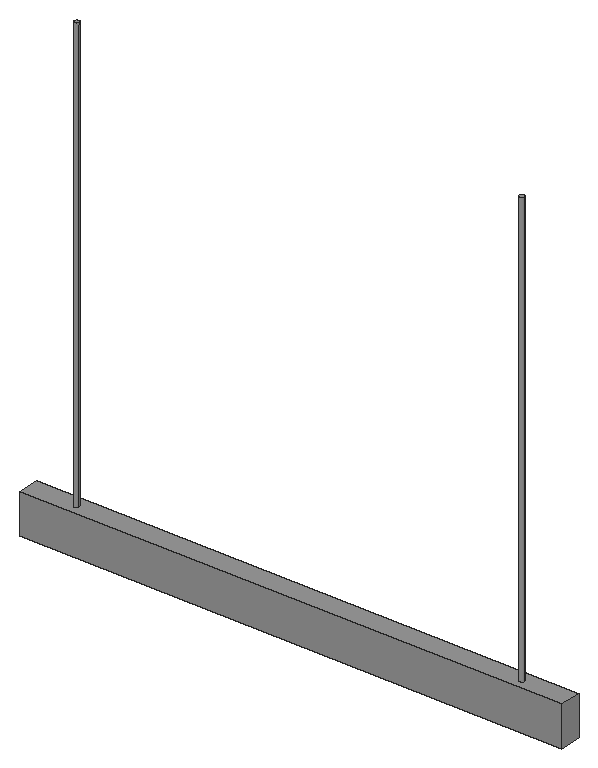
Revit family "A61_63_UN_Line Pendant_ETK", category Lighting Fixtures, Revit 2019
Family settings
  Round Connector Dimension = Use Diameter
  Part Type = Normal
  OmniClass Number = 23.80.70.11.14.11
  OmniClass Title = Downlights
  Work Plane-Based = No
  Always vertical = Yes
  Cut with Voids When Loaded = No
  Light Source = Yes
  Shared = No
  Room Calculation Point = Yes
Parameters (values of type "A61.2 LED 35W 3000K 4600Lm wit mat RAL9003 DALI voedingsmodule 1125mm LINEpro light pendel (A6-604PL.A112.30.08/DIMM 2-3)")
  Wattage Comments = "35"
  Wattage = 3.36605 W
  built-in parameter 1150110 = 1 (stored number, unit not read)
  Voltage = 230 V
  URL = "www.etk.nl"
  Type Comments = "Line Pendant"
  built-in parameter 1114217 = 1 (stored number, unit not read)
  Tilt Angle = 90.00°
  built-in parameter 1150109 = 1 (stored number, unit not read)
  built-in parameter 1150134 = 3
  Symbol_ToScale [instance] = not(Symbol_RealSize)  # no
  Symbol_RealSize [instance] = yes
  Switch Code [instance] = ""
  built-in parameter 1150113 = 1 (stored number, unit not read)
  Photometric Web File = "A61.2213.15_LDT.ies"
  Model = "A61"
  Manufacturer = "ETK"
  built-in parameter 1150105 = 39.789 (stored number, unit not read)
  Luminous Flux (lm) = 2538.54 lm
  Lumens = 2538.54 lm
  built-in parameter 1150115 = 1 (stored number, unit not read)
  Luminaire Code [instance] = ""
  built-in parameter 1150137 = (empty or 0)
  built-in parameter 1150139 = (empty or 0)
  built-in parameter 1150112 = 1 (stored number, unit not read)
  built-in parameter 1150114 = 1 (stored number, unit not read)
  Lamp = "LED"
  LED Panel = yes
  Suspension Length [instance] = 900 mm
  L4 = L1 - 200 mm  # 925 mm
  L3 = 2 mm
  L2 = 45 mm
  L1 = 1125 mm
  built-in parameter 1150132 = 2
  built-in parameter 1150102 = (empty or 0)
  built-in parameter 1150107 = 3200 (stored number, unit not read)
  built-in parameter 1150138 = (empty or 0)
  built-in parameter 1150106 = 0.39789 (stored number, unit not read)
  IfcExportType = "USERDEFINED"
  IfcExportAs = "IfcLightFixtureType"
  ISBN Code = "ISBNCODE"
  IP Value = "IP20"
  IK Value = "-"
  Housing_Material = Select RGB Value for different appearance
  H1 = 82 mm
  GTIN Code = "GTINCODE"
  Emit from Rectangle Width = L1 - (L3 * 2)  # 1121 mm
  Emit from Rectangle Length = L2 - (L3 * 2)  # 41 mm
  Emit Shape Visible in Rendering = no
  built-in parameter 1150104 = 13.8 (stored number, unit not read)
  ETIM Code = "ETIMCODE"
  Dimming Lamp Color Temperature Shift = <None>
  Description = ""
  Content Creator® = "www.ivlibrary.com"
  Color Filter = 16777215
  Calc_SuspensionLength [instance] = if(Suspension Length < Calc_MinSuspensionLength, Calc_MinSuspensionLength, if(Suspension Length > Calc_MaxSuspensionLength, Calc_MaxSuspensionLength, Suspension Length))  # 900 mm
  Calc_MinSuspensionLength [instance] = 100 mm
  Calc_MaxSuspensionLength [instance] = 10000 mm
  Calc_L2_Symbol = L2 / 100  # 0.45 mm
  Calc_L1_Symbol = L1 / 100  # 11.25 mm
  built-in parameter 1114218 = 1 (stored number, unit not read)
  built-in parameter 1150133 = 10 (stored number, unit not read)
  Assembly Code = "63.0"
  Apparent Load = 35 VA
Types (56, lengths in mm): name | Wattage Comments | Photometric Web File | Manufacturer | Luminous Flux (lm) | Lumens | L4 | L1 | Emit from Rectangle Width | Calc_L1_Symbol | Apparent Load
  A61.2 LED 82W 4000K 12000Lm zwart mat RAL9005 DALI voedingsmodule 2805mm LINEpro light pendel (A6-604PL.A280.40.06/DIMM 2-3) | "82" | "A61.2863.35_LDT.ies" | "ETK B.V." | 6618.1 lm | 6618.1 lm | 2605 | 2805 | 2801 | 28.05 | 82 VA
  A61.2 LED 82W 4000K 12000Lm wit mat RAL9003 DALI voedingsmodule 2805mm LINEpro light pendel (A6-604PL.A280.40.08/DIMM 2-3) | "82" | "A61.2863.15_LDT.ies" | "ETK B.V." | 6618.1 lm | 6618.1 lm | 2605 | 2805 | 2801 | 28.05 | 82 VA
  A61.2 LED 82W 4000K 12000Lm wit mat RAL9003 voedingsmodule 2805mm LINEpro light pendel (A6-604PL.A280.40.08) | "82" | "A61.2860.15_LDT.ies" | "ETK B.V." | 6618.1 lm | 6618.1 lm | 2605 | 2805 | 2801 | 28.05 | 82 VA
  A61.2 LED 82W 4000K 12000Lm zwart mat RAL9005 voedingsmodule 2805mm LINEpro light pendel (A6-604PL.A280.40.06) | "82" | "A61.2860.35_LDT.ies" | "ETK B.V." | 6618.1 lm | 6618.1 lm | 2605 | 2805 | 2801 | 28.05 | 82 VA
  A61.2 LED 82W 3000K 11510Lm zwart mat RAL9005 voedingsmodule 2805mm LINEpro light pendel (A6-604PL.A280.30.06) | "82" | "A61.2810.35_LDT.ies" | "ETK B.V." | 6346.3 lm | 6346.3 lm | 2605 | 2805 | 2801 | 28.05 | 82 VA
  A61.2 LED 82W 3000K 11510Lm wit mat RAL9003 voedingsmodule 2805mm LINEpro light pendel (A6-604PL.A280.30.08) | "82" | "A61.2810.15_LDT.ies" | "ETK B.V." | 6346.3 lm | 6346.3 lm | 2605 | 2805 | 2801 | 28.05 | 82 VA
  A61.2 LED 82W 3000K 11510Lm wit mat RAL9003 DALI voedingsmodule 2805mm LINEpro light pendel (A6-604PL.A280.30.08/DIMM 2-3) | "82" | "A61.2813.15_LDT.ies" | "ETK B.V." | 6346.3 lm | 6346.3 lm | 2605 | 2805 | 2801 | 28.05 | 82 VA
  A61.2 LED 82W 3000K 11510Lm zwart mat RAL9005 DALI voedingsmodule 2805mm LINEpro light pendel (A6-604PL.A280.30.06/DIMM 2-3) | "82" | "A61.2813.35_LDT.ies" | "ETK B.V." | 6346.3 lm | 6346.3 lm | 2605 | 2805 | 2801 | 28.05 | 82 VA
  A61.2 LED 75W 4000K 10800Lm wit mat RAL9003 voedingsmodule 2525mm LINEpro light pendel (A6-604PL.A252.40.08) | "75" | "A61.2760.15_LDT.ies" | "ETK B.V." | 5956.29 lm | 5956.29 lm | 2325 | 2525 | 2521 | 25.25 | 75 VA
  A61.2 LED 75W 4000K 10800Lm wit mat RAL9003 DALI voedingsmodule 2525mm LINEpro light pendel (A6-604PL.A252.40.08/DIMM 2-3) | "75" | "A61.2763.15_LDT.ies" | "ETK B.V." | 5956.29 lm | 5956.29 lm | 2325 | 2525 | 2521 | 25.25 | 75 VA
  A61.2 LED 75W 4000K 10800Lm zwart mat RAL9005 voedingsmodule 2525mm LINEpro light pendel (A6-604PL.A252.40.06) | "75" | "A61.2760.35_LDT.ies" | "ETK B.V." | 5956.29 lm | 5956.29 lm | 2325 | 2525 | 2521 | 25.25 | 75 VA
  A61.2 LED 75W 4000K 10800Lm zwart mat RAL9005 DALI voedingsmodule 2525mm LINEpro light pendel (A6-604PL.A252.40.06/DIMM 2-3) | "75" | "A61.2763.35_LDT.ies" | "ETK B.V." | 5956.29 lm | 5956.29 lm | 2325 | 2525 | 2521 | 25.25 | 75 VA
  A61.2 LED 75W 3000K 10360Lm zwart mat RAL9005 voedingsmodule 2525mm LINEpro light pendel (A6-604PL.A252.30.06) | "75" | "A61.2710.35_LDT.ies" | "ETK B.V." | 5711.67 lm | 5711.67 lm | 2325 | 2525 | 2521 | 25.25 | 75 VA
  A61.2 LED 75W 3000K 10360Lm wit mat RAL9003 DALI voedingsmodule 2525mm LINEpro light pendel (A6-604PL.A252.30.08/DIMM 2-3) | "75" | "A61.2713.15_LDT.ies" | "ETK B.V." | 5711.67 lm | 5711.67 lm | 2325 | 2525 | 2521 | 25.25 | 75 VA
  A61.2 LED 75W 3000K 10360Lm zwart mat RAL9005 DALI voedingsmodule 2525mm LINEpro light pendel (A6-604PL.A252.30.06/DIMM 2-3) | "75" | "A61.2713.35_LDT.ies" | "ETK B.V." | 5711.67 lm | 5711.67 lm | 2325 | 2525 | 2521 | 25.25 | 75 VA
  A61.2 LED 75W 3000K 10360Lm wit mat RAL9003 voedingsmodule 2525mm LINEpro light pendel (A6-604PL.A252.30.08) | "75" | "A61.2710.15_LDT.ies" | "ETK B.V." | 5711.67 lm | 5711.67 lm | 2325 | 2525 | 2521 | 25.25 | 75 VA
  A61.2 LED 67W 4000K 9600Lm zwart mat RAL9005 voedingsmodule 2245mm LINEpro light pendel (A6-604PL.A224.40.06) | "67" | "A61.2660.35_LDT.ies" | "ETK B.V." | 5294.48 lm | 5294.48 lm | 2045 | 2245 | 2241 | 22.45 | 67 VA
  A61.2 LED 67W 4000K 9600Lm wit mat RAL9003 DALI voedingsmodule 2245mm LINEpro light pendel (A6-604PL.A224.40.08/DIMM 2-3) | "67" | "A61.2663.15_LDT.ies" | "ETK B.V." | 5294.48 lm | 5294.48 lm | 2045 | 2245 | 2241 | 22.45 | 67 VA
  A61.2 LED 67W 4000K 9600Lm wit mat RAL9003 voedingsmodule 2245mm LINEpro light pendel (A6-604PL.A224.40.08) | "67" | "A61.2660.15_LDT.ies" | "ETK B.V." | 5294.48 lm | 5294.48 lm | 2045 | 2245 | 2241 | 22.45 | 67 VA
  A61.2 LED 67W 4000K 9600Lm zwart mat RAL9005 DALI voedingsmodule 2245mm LINEpro light pendel (A6-604PL.A224.40.06/DIMM 2-3) | "67" | "A61.2663.35_LDT.ies" | "ETK B.V." | 5294.48 lm | 5294.48 lm | 2045 | 2245 | 2241 | 22.45 | 67 VA
  A61.2 LED 67W 3000K 9205Lm zwart mat RAL9005 voedingsmodule 2245mm LINEpro light pendel (A6-604PL.A224.30.06) | "67" | "A61.2610.35_LDT.ies" | "ETK B.V." | 5077.84 lm | 5077.84 lm | 2045 | 2245 | 2241 | 22.45 | 67 VA
  A61.2 LED 67W 3000K 9205Lm wit mat RAL9003 DALI voedingsmodule 2245mm LINEpro light pendel (A6-604PL.A224.30.08/DIMM 2-3) | "67" | "A61.2613.15_LDT.ies" | "ETK B.V." | 5077.84 lm | 5077.84 lm | 2045 | 2245 | 2241 | 22.45 | 67 VA
  A61.2 LED 67W 3000K 9205Lm wit mat RAL9003 voedingsmodule 2245mm LINEpro light pendel (A6-604PL.A224.30.08) | "67" | "A61.2610.15_LDT.ies" | "ETK B.V." | 5077.84 lm | 5077.84 lm | 2045 | 2245 | 2241 | 22.45 | 67 VA
  A61.2 LED 67W 3000K 9205Lm zwart mat RAL9005 DALI voedingsmodule 2245mm LINEpro light pendel (A6-604PL.A224.30.06/DIMM 2-3) | "67" | "A61.2613.35_LDT.ies" | "ETK B.V." | 5077.84 lm | 5077.84 lm | 2045 | 2245 | 2241 | 22.45 | 67 VA
  A61.2 LED 60W 4000K 8400Lm wit mat RAL9003 DALI voedingsmodule 1965mm LINEpro light pendel (A6-604PL.A196.40.08/DIMM 2-3) | "60" | "A61.2563.15_LDT.ies" | "ETK B.V." | 4632.68 lm | 4632.68 lm | 1765 | 1965 | 1961 | 19.65 | 60 VA
  A61.2 LED 60W 4000K 8400Lm zwart mat RAL9005 voedingsmodule 1965mm LINEpro light pendel (A6-604PL.A196.40.06) | "60" | "A61.2560.35_LDT.ies" | "ETK B.V." | 4632.68 lm | 4632.68 lm | 1765 | 1965 | 1961 | 19.65 | 60 VA
  A61.2 LED 60W 4000K 8400Lm wit mat RAL9003 voedingsmodule 1965mm LINEpro light pendel (A6-604PL.A196.40.08) | "60" | "A61.2560.15_LDT.ies" | "ETK B.V." | 4632.68 lm | 4632.68 lm | 1765 | 1965 | 1961 | 19.65 | 60 VA
  A61.2 LED 60W 4000K 8400Lm zwart mat RAL9005 DALI voedingsmodule 1965mm LINEpro light pendel (A6-604PL.A196.40.06/DIMM 2-3) | "60" | "A61.2563.35_LDT.ies" | "ETK B.V." | 4632.68 lm | 4632.68 lm | 1765 | 1965 | 1961 | 19.65 | 60 VA
  A61.2 LED 60W 3000K 8055Lm wit mat RAL9003 voedingsmodule 1965mm LINEpro light pendel (A6-604PL.A196.30.08) | "60" | "A61.2510.15_LDT.ies" | "ETK B.V." | 4442.41 lm | 4442.41 lm | 1765 | 1965 | 1961 | 19.65 | 60 VA
  A61.2 LED 60W 3000K 8055Lm zwart mat RAL9005 voedingsmodule 1965mm LINEpro light pendel (A6-604PL.A196.30.06) | "60" | "A61.2510.35_LDT.ies" | "ETK B.V." | 4442.41 lm | 4442.41 lm | 1765 | 1965 | 1961 | 19.65 | 60 VA
  A61.2 LED 60W 3000K 8055Lm zwart mat RAL9005 DALI voedingsmodule 1965mm LINEpro light pendel (A6-604PL.A196.30.06/DIMM 2-3) | "60" | "A61.2513.35_LDT.ies" | "ETK B.V." | 4442.41 lm | 4442.41 lm | 1765 | 1965 | 1961 | 19.65 | 60 VA
  A61.2 LED 60W 3000K 8055Lm wit mat RAL9003 DALI voedingsmodule 1965mm LINEpro light pendel (A6-604PL.A196.30.08/DIMM 2-3) | "60" | "A61.2513.15_LDT.ies" | "ETK B.V." | 4442.41 lm | 4442.41 lm | 1765 | 1965 | 1961 | 19.65 | 60 VA
  A61.2 LED 51W 4000K 7200Lm wit mat RAL9003 voedingsmodule 1685mm LINEpro light pendel (A6-604PL.A168.40.08) | "51" | "A61.2460.15_LDT.ies" | "ETK B.V." | 3970.86 lm | 3970.86 lm | 1485 | 1685 | 1681 | 16.85 | 51 VA
  A61.2 LED 51W 4000K 7200Lm wit mat RAL9003 DALI voedingsmodule 1685mm LINEpro light pendel (A6-604PL.A168.40.08/DIMM 2-3) | "51" | "A61.2463.15_LDT.ies" | "ETK B.V." | 3970.86 lm | 3970.86 lm | 1485 | 1685 | 1681 | 16.85 | 51 VA
  A61.2 LED 51W 4000K 7200Lm zwart mat RAL9005 DALI voedingsmodule 1685mm LINEpro light pendel (A6-604PL.A168.40.06/DIMM 2-3) | "51" | "A61.2463.35_LDT.ies" | "ETK B.V." | 3970.86 lm | 3970.86 lm | 1485 | 1685 | 1681 | 16.85 | 51 VA
  A61.2 LED 51W 4000K 7200Lm zwart mat RAL9005 voedingsmodule 1685mm LINEpro light pendel (A6-604PL.A168.40.06) | "51" | "A61.2460.35_LDT.ies" | "ETK B.V." | 3970.86 lm | 3970.86 lm | 1485 | 1685 | 1681 | 16.85 | 51 VA
  A61.2 LED 51W 3000K 6905Lm wit mat RAL9003 DALI voedingsmodule 1685mm LINEpro light pendel (A6-604PL.A168.30.08/DIMM 2-3) | "51" | "A61.2413.15_LDT.ies" | "ETK B.V." | 3807.78 lm | 3807.78 lm | 1485 | 1685 | 1681 | 16.85 | 51 VA
  A61.2 LED 51W 3000K 6905Lm zwart mat RAL9005 voedingsmodule 1685mm LINEpro light pendel (A6-604PL.A168.30.06) | "51" | "A61.2410.35_LDT.ies" | "ETK B.V." | 3807.78 lm | 3807.78 lm | 1485 | 1685 | 1681 | 16.85 | 51 VA
  A61.2 LED 51W 3000K 6905Lm wit mat RAL9003 voedingsmodule 1685mm LINEpro light pendel (A6-604PL.A168.30.08) | "51" | "A61.2410.15_LDT.ies" | "ETK B.V." | 3807.78 lm | 3807.78 lm | 1485 | 1685 | 1681 | 16.85 | 51 VA
  A61.2 LED 51W 3000K 6905Lm zwart mat RAL9005 DALI voedingsmodule 1685mm LINEpro light pendel (A6-604PL.A168.30.06/DIMM 2-3) | "51" | "A61.2413.35_LDT.ies" | "ETK B.V." | 3807.78 lm | 3807.78 lm | 1485 | 1685 | 1681 | 16.85 | 51 VA
  A61.2 LED 44W 3000K 5755Lm zwart mat RAL9005 voedingsmodule 1405mm LINEpro light pendel (A6-604PL.A140.30.06) | "44" | "A61.2310.35_LDT.ies" | "ETK B.V." | 3173.15 lm | 3173.15 lm | 1205 | 1405 | 1401 | 14.05 | 44 VA
  A61.2 LED 44W 3000K 5755Lm wit mat RAL9003 DALI voedingsmodule 1405mm LINEpro light pendel (A6-604PL.A140.30.08/DIMM 2-3) | "44" | "A61.2313.15_LDT.ies" | "ETK B.V." | 3173.15 lm | 3173.15 lm | 1205 | 1405 | 1401 | 14.05 | 44 VA
  A61.2 LED 44W 3000K 5755Lm zwart mat RAL9005 DALI voedingsmodule 1405mm LINEpro light pendel (A6-604PL.A140.30.06/DIMM 2-3) | "44" | "A61.2313.35_LDT.ies" | "ETK B.V." | 3173.15 lm | 3173.15 lm | 1205 | 1405 | 1401 | 14.05 | 44 VA
  A61.2 LED 44W 3000K 5755Lm wit mat RAL9003 voedingsmodule 1405mm LINEpro light pendel (A6-604PL.A140.30.08) | "44" | "A61.2310.15_LDT.ies" | "ETK B.V." | 3173.15 lm | 3173.15 lm | 1205 | 1405 | 1401 | 14.05 | 44 VA
  A61.2 LED 44W 4000K 6000Lm zwart mat RAL9005 voedingsmodule 1405mm LINEpro light pendel (A6-604PL.A140.40.06) | "44" | "A61.2360.35_LDT.ies" | "ETK B.V." | 3309.05 lm | 3309 lm | 1205 | 1405 | 1401 | 14.05 | 44 VA
  A61.2 LED 44W 4000K 6000Lm wit mat RAL9003 DALI voedingsmodule 1405mm LINEpro light pendel (A6-604PL.A140.40.08/DIMM 2-3) | "44" | "A61.2363.15_LDT.ies" | "ETK B.V." | 3309.05 lm | 3309 lm | 1205 | 1405 | 1401 | 14.05 | 44 VA
  A61.2 LED 44W 4000K 6000Lm wit mat RAL9003 voedingsmodule 1405mm LINEpro light pendel (A6-604PL.A140.40.08) | "44" | "A61.2360.15_LDT.ies" | "ETK B.V." | 3309.05 lm | 3309 lm | 1205 | 1405 | 1401 | 14.05 | 44 VA
  A61.2 LED 44W 4000K 6000Lm zwart mat RAL9005 DALI voedingsmodule 1405mm LINEpro light pendel (A6-604PL.A140.40.06/DIMM 2-3) | "44" | "A61.2363.35_LDT.ies" | "ETK B.V." | 3309.05 lm | 3309 lm | 1205 | 1405 | 1401 | 14.05 | 44 VA
  A61.2 LED 35W 4000K 4800Lm zwart mat RAL9005 voedingsmodule 1125mm LINEpro light pendel (A6-604PL.A112.40.06) | "35" | "A61.2260.35_LDT.ies" | "ETK" | 2647.24 lm | 2647.24 lm | 925 | 1125 | 1121 | 11.25 | 35 VA
  A61.2 LED 35W 4000K 4800Lm wit mat RAL9003 voedingsmodule 1125mm LINEpro light pendel (A6-604PL.A112.40.08) | "35" | "A61.2260.15_LDT.ies" | "ETK" | 2647.24 lm | 2647.24 lm | 925 | 1125 | 1121 | 11.25 | 35 VA
  A61.2 LED 35W 4000K 4800Lm zwart mat RAL9005 DALI voedingsmodule 1125mm LINEpro light pendel (A6-604PL.A112.40.06/DIMM 2-3) | "35" | "A61.2263.35_LDT.ies" | "ETK" | 2647.24 lm | 2647.24 lm | 925 | 1125 | 1121 | 11.25 | 35 VA
  A61.2 LED 35W 4000K 4800Lm wit mat RAL9003 DALI voedingsmodule 1125mm LINEpro light pendel (A6-604PL.A112.40.08/DIMM 2-3) | "35" | "A61.2263.15_LDT.ies" | "ETK" | 2647.24 lm | 2647.24 lm | 925 | 1125 | 1121 | 11.25 | 35 VA
  A61.2 LED 35W 3000K 4600Lm wit mat RAL9003 voedingsmodule 1125mm LINEpro light pendel (A6-604PL.A112.30.08) | "35" | "A61.2210.15_LDT.ies" | "ETK" | 2538.54 lm | 2538.54 lm | 925 | 1125 | 1121 | 11.25 | 35 VA
  A61.2 LED 35W 3000K 4600Lm wit mat RAL9003 DALI voedingsmodule 1125mm LINEpro light pendel (A6-604PL.A112.30.08/DIMM 2-3) | "35" | "A61.2213.15_LDT.ies" | "ETK" | 2538.54 lm | 2538.54 lm | 925 | 1125 | 1121 | 11.25 | 35 VA
  A61.2 LED 35W 3000K 4600Lm zwart mat RAL9005 DALI voedingsmodule 1125mm LINEpro light pendel (A6-604PL.A112.30.06/DIMM 2-3) | "35" | "A61.2213.35_LDT.ies" | "ETK" | 2538.54 lm | 2538.54 lm | 925 | 1125 | 1121 | 11.25 | 35 VA
  A61.2 LED 35W 3000K 4600Lm zwart mat RAL9005 voedingsmodule 1125mm LINEpro light pendel (A6-604PL.A112.30.06) | "35" | "A61.2210.35_LDT.ies" | "ETK" | 2538.54 lm | 2538.54 lm | 925 | 1125 | 1121 | 11.25 | 35 VA
Reference planes
  plane 1 "Center (Front/Back)": y = 0
  plane 2: z = 0
  plane 3 "Center (Left/Right)": x = 0
  plane 4: x = -560.5
  plane 5: x = 560.5
  plane 6: y = 20.5
  plane 7: y = -20.5
  plane 8: x = -562.5
  plane 9: x = 562.5
  plane 10: y = -22.5
  plane 11: y = 22.5
  plane 12: z = -900
  plane 13: z = -982
Forms (mm)
  Extrusion 1, solid, material "Select RGB Value for different appearance" <- "Housing_Material"
    sketch origin (0, 0, 0) x (1, 0, 0) y (0, 1, 0)
      loop
        circle (-462.5, 0) r 5
      loop
        circle (462.5, 0) r 5
    from 0 to -900
Lines and regions (mm)
  symbolic lines, visible <- "Symbol_RealSize"
    curve 1: line (-562.5, -22.5, 0) -> (562.5, -22.5, 0)
    curve 2: line (-562.5, 22.5, 0) -> (-562.5, -22.5, 0)
    curve 3: line (562.5, 22.5, 0) -> (-562.5, 22.5, 0)
    curve 4: line (562.5, -22.5, 0) -> (562.5, 22.5, 0)
Dimensions and locks
  equal spacing: plane 11, plane 1 "Center (Front/Back)", plane 10
  equal spacing: plane 8, plane 3 "Center (Left/Right)", plane 9
  "L1": plane 8 to plane 9
  "L2": plane 11 to plane 10
  "L3": plane 8 to plane 4
  "L3": plane 5 to plane 9
  "L3": plane 6 to plane 11
  "L3": plane 7 to plane 10
  "H1": plane 12 to plane 13
  "Calc_SuspensionLength": level to plane 12
  equal spacing: Extrusion 1 sketch curve, plane 3 "Center (Left/Right)", Extrusion 1 sketch curve
  "L4": Extrusion 1 sketch curve to Extrusion 1 sketch curve
  aligned and locked: level to plane 2
  aligned and locked: plane 12 to Extrusion 1
  aligned and locked: level to Extrusion 1
  aligned and locked: nested 2 to plane 12
  aligned and locked: imposter light to plane 13
Automatic sketch dimensions
  curve 3 to plane 8 = 0 mm
  curve 1 to plane 9 = 0 mm
  curve 2 to plane 10 = 0 mm
  plane 11 to curve 2 = 0 mm
  plane 1 "Center (Front/Back)" to Extrusion 1 sketch curve = 0 mm  (x2)
  radius of Extrusion 1 sketch curve = 5 mm  (x2)
Nested families
  nested 1: "Parametric Light-Line Symbol" at (0, 0, 0), L1 <- "Calc_L1_Symbol", L2 <- "Calc_L2_Symbol", visible <- "Symbol_ToScale", type "Parametric LED Panel Symbol"
    with L2 0.45 mm, L1 11.25 mm
  nested 2: "SU Light-line Geometry" at (0, 0, -900), type "Type Catalog"
    with Symbol_ToScale no, Symbol_RealSize yes, Switch Code "", Luminaire Code "", L3 2 mm, L2 45 mm, L1 1125 mm, H1 82 mm, Calc_L2_Symbol 0.45 mm, Calc_L1_Symbol 11.25 mm
Connectors
  electrical at (0, 0, 0), driven by "Voltage", driven by "Apparent Load"
    settings: index 1, voltage 230 V, apparent load 0 VA, apparent load phase1 35 VA, apparent load phase2 0 VA, apparent load phase3 0 VA, power factor 1, load classification "Lighting", number of poles 1, system type 31, power factor state 1, is connector primary yes, connector utility no, sub classification motor no, connector description ""
Definition of nested family "SU Light-line Geometry"
  Parameters (values of type "Type Catalog")
    Wattage Comments = "19W"
    Voltage = 230 V
    URL = "https://www.ivlibrary.com/"
    Type Comments = "TYPENAME"
    Symbol_ToScale [instance] = not(Symbol_RealSize)  # no
    Symbol_RealSize [instance] = yes
    Switch Code [instance] = ""
    Model = "FAMILYNAME"
    Manufacturer = "MANUFACTURER"
    Luminous Flux (lm) = 500 lm
    Luminaire Code [instance] = ""
    Lamp = "LED"
    LED Panel = yes
    L3 = 7 mm
    L2 = 100 mm
    L1 = 1500 mm
    IfcExportType = "USERDEFINED"
    IfcExportAs = "IfcLightFixtureType"
    ISBN Code = "ISBNCODE"
    IP Value = "IPVALUE"
    IK Value = "IKVALUE"
    Housing_Material = none
    H1 = 77 mm
    GTIN Code = "GTINCODE"
    ETIM Code = "ETIMCODE"
    Description = ""
    Content Creator® = "www.ivlibrary.com"
    Calc_L2_Symbol = L2 / 100  # 1 mm
    Calc_L1_Symbol = L1 / 100  # 15 mm
    Assembly Code = "63.0"
    Apparent Load = 19 VA
  Reference planes
    plane 1 "Center (Front/Back)": y = 0
    plane 2: z = 0
    plane 3 "Center (Left/Right)": x = 0
    plane 4: x = -743
    plane 5: x = 743
    plane 6: y = 43
    plane 7: y = -43
    plane 8: x = -750
    plane 9: x = 750
    plane 10: y = -50
    plane 11: y = 50
  Forms (mm)
    Extrusion 1, solid, material <- "Housing_Material"
      sketch origin (0, 0, -77) x (1, 0, 0) y (0, 1, 0)
        loop
          line (-743, 43) -> (-743, -43) -> (743, -43) -> (743, 43) -> (-743, 43)
      from 0.897 to 77
    Extrusion 2, solid, material <- "Housing_Material"
      sketch origin (0, 0, -243) x (1, 0, 0) y (0, 1, 0)
        loop
          line (-743, 43) -> (-743, -43) -> (743, -43) -> (743, 43) -> (-743, 43)
        loop
          line (-750, -50) -> (750, -50) -> (750, 50) -> (-750, 50) -> (-750, -50)
      from 243 to 166
    Extrusion 3, solid
      sketch origin (0, 0, -79.5) x (1, 0, 0) y (0, 1, 0)
        loop
          line (-743, 43) -> (-743, -43) -> (743, -43) -> (743, 43) -> (-743, 43)
      from 3.397 to 2.5
  Cuts and joins
    joined: Extrusion 1, Extrusion 2
  Lines and regions (mm)
    symbolic lines, visible <- "Symbol_RealSize"
      curve 1: line (-750, -50, 0) -> (750, -50, 0)
      curve 2: line (-750, 50, 0) -> (-750, -50, 0)
      curve 3: line (750, 50, 0) -> (-750, 50, 0)
      curve 4: line (750, -50, 0) -> (750, 50, 0)
  Dimensions and locks
    equal spacing: plane 11, plane 1 "Center (Front/Back)", plane 10
    equal spacing: plane 8, plane 3 "Center (Left/Right)", plane 9
    "L1": plane 8 to plane 9
    "L2": plane 11 to plane 10
    "L3": plane 8 to plane 4
    "L3": plane 5 to plane 9
    "L3": plane 6 to plane 11
    "L3": plane 7 to plane 10
    "H1": level to Extrusion 2
    Extrusion 1 to Extrusion 2 = 0.897 mm
    locked: Extrusion 3 to Extrusion 2 at 0.897
    aligned and locked: level to plane 2
    aligned and locked: level to Extrusion 2
    aligned and locked: Extrusion 2 to Extrusion 3
    aligned and locked: Extrusion 1 to Extrusion 3
  Automatic sketch dimensions
    curve 3 to plane 8 = 0 mm
    curve 3 to plane 9 = 0 mm
    curve 1 to plane 10 = 0 mm
    plane 11 to curve 3 = 0 mm
    Extrusion 1 sketch curve to plane 4 = 0 mm
    Extrusion 1 sketch curve to plane 5 = 0 mm
    Extrusion 1 sketch curve to plane 7 = 0 mm
    Extrusion 1 sketch curve to plane 6 = 0 mm
    Extrusion 2 sketch curve to plane 8 = 0 mm
    Extrusion 2 sketch curve to plane 4 = 0 mm
    Extrusion 2 sketch curve to plane 5 = 0 mm
    Extrusion 2 sketch curve to plane 9 = 0 mm
    Extrusion 2 sketch curve to plane 10 = 0 mm
    Extrusion 2 sketch curve to plane 7 = 0 mm
    Extrusion 2 sketch curve to plane 6 = 0 mm
    plane 11 to Extrusion 2 sketch curve = 0 mm
    Extrusion 3 sketch curve to plane 4 = 0 mm
    Extrusion 3 sketch curve to plane 5 = 0 mm
    Extrusion 3 sketch curve to plane 7 = 0 mm
    Extrusion 3 sketch curve to plane 6 = 0 mm
  Nested families
    nested 1: "Parametric Light-Line Symbol" at (0, 0, 0), L1 <- "Calc_L1_Symbol", L2 <- "Calc_L2_Symbol", visible <- "Symbol_ToScale", type "Parametric LED Panel Symbol"
      with L2 1 mm, L1 15 mm
  Connectors
    electrical at (0, 0, 0), driven by "Voltage", driven by "Apparent Load"
      settings: index 2, voltage 230 V, apparent load 0 VA, apparent load phase1 19 VA, apparent load phase2 0 VA, apparent load phase3 0 VA, power factor 1, load classification none, number of poles 1, system type 31, power factor state 1, is connector primary yes, connector utility no, sub classification motor no, connector description ""
  Definition of nested family "Parametric Light-Line Symbol"
    Parameters (values of type "Parametric LED Panel Symbol")
      L2 [instance] = 4.484 mm
      L1 [instance] = 6.437 mm
    Reference planes
      plane 1: y = 0
      plane 2: x = 0
    Lines and regions (mm)
      detail lines
        curve 1: line (-3.219, 2.242, 0) -> (3.219, 2.242, 0)
        curve 2: line (-3.219, -2.242, 0) -> (-3.219, 2.242, 0)
        curve 3: line (3.219, -2.242, 0) -> (-3.219, -2.242, 0)
        curve 4: line (3.219, 2.242, 0) -> (3.219, -2.242, 0)
    Dimensions and locks
      equal spacing: curve 2, plane 2, curve 4
      equal spacing: curve 3, plane 1, curve 1
      "L1": curve 2 to curve 4
      "L2": curve 3 to curve 1
Definition of nested family "Parametric Light-Line Symbol"
  Parameters (values of type "Parametric LED Panel Symbol")
    L2 [instance] = 4.484 mm
    L1 [instance] = 6.437 mm
  Reference planes
    plane 1: y = 0
    plane 2: x = 0
  Lines and regions (mm)
    detail lines
      curve 1: line (-3.219, 2.242, 0) -> (3.219, 2.242, 0)
      curve 2: line (-3.219, -2.242, 0) -> (-3.219, 2.242, 0)
      curve 3: line (3.219, -2.242, 0) -> (-3.219, -2.242, 0)
      curve 4: line (3.219, 2.242, 0) -> (3.219, -2.242, 0)
  Dimensions and locks
    equal spacing: curve 2, plane 2, curve 4
    equal spacing: curve 3, plane 1, curve 1
    "L1": curve 2 to curve 4
    "L2": curve 3 to curve 1
